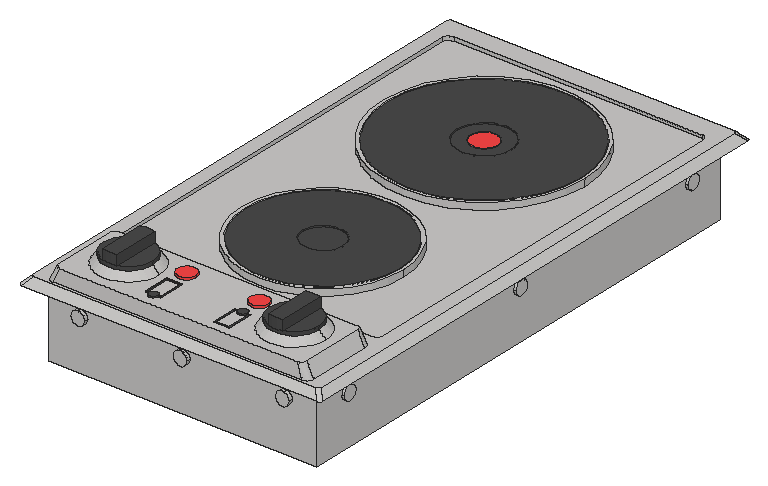
Revit family "QF_Summit_CSD2B230_Electric Cooktop", category Specialty Equipment, Revit 2020
Family settings
  Round Connector Dimension = Use Diameter
  Part Type = Normal
  Work Plane-Based = No
  Always vertical = Yes
  Cut with Voids When Loaded = No
  Shared = No
  Room Calculation Point = No
Parameters
  Weight in Pounds = 13
  Watts = Volts * FL Amps  # 2875 W
  Volts = 230 V
  URL Cutsheet = ""
  Specification by User = ""
  Specification by Manufacturer = ""
  Serial Number = ""
  Seismic Rating = ""
  SMACNA No = ""
  Revision Code = ""
  Phase = 1
  Number of Poles = 1
  NAFEM Spec ID Number = ""
  Model = "CSD2B230"
  Min Ckt Ampacity = 0 A
  Max Overcurrent Protection = 0 A
  Masterspec = ""
  Manufacturer = "Summit"
  Length = 11 1/4"
  Item Number = ""
  Installed By = ""
  Identify Quantity as Lot = yes
  Height = 4 1/8"
  HP = ""
  Furnished By = ""
  Foodservice Equipment Identifier = yes
  FL Amps = 12.5 A
  Electrical Remarks = ""
  Electric Connection Type = ""
  Elec Conn RI Height = 0"
  Elec Conn Connection Height = 0"
  Description = "Electric Cooktop"
  Depth = 20"
  Default Elevation = 0"
  Cycle = 60 Hz
  Conn Plug = ""
  Conn Conduit = yes
  CSI MasterFormat = ""
  Apparent Power = if(Phase = 3, Volts * FL Amps * 1.73, Volts * FL Amps)  # 2875 VA
Reference planes (in)
  plane 1 "BACK": y = 0
  plane 2: z = 0
  plane 3 "LEFT": x = 0
  plane 4 "RIGHT": x = 11.25
  plane 5 "FRONT": y = -20
  plane 6 "TOP": z = 4.125
  plane 7 "Center Y": x = 5.625
  plane 8 "Center X": y = -10
  plane 9: y = -0.625
  plane 10: y = -19.375
  plane 11: x = 11.25
  plane 12: x = 10.625
  plane 13: x = 0.625
  plane 14: x = 1.83357
  plane 15: x = 9.41643
  plane 16: z = 2.625
Forms (in)
  Extrusion 1, void
    sketch origin (-38.39759, -180, 2.875) x (-1, 0, 0) y (0, -1, 0)
      loop
        arc (-39.14759, -163.875) -> (-39.22082, -163.69822) -> (-39.39759, -163.625) r 0.25
        line (-39.39759, -163.625) -> (-48.64759, -163.625)
        arc (-48.64759, -163.625) -> (-48.82437, -163.69822) -> (-48.89759, -163.875) r 0.25
        line (-48.89759, -163.875) -> (-48.89759, -178.75)
        arc (-48.89759, -178.75) -> (-48.82437, -178.92678) -> (-48.64759, -179) r 0.25
        line (-48.64759, -179) -> (-39.39759, -179)
        arc (-39.39759, -179) -> (-39.22082, -178.92678) -> (-39.14759, -178.75) r 0.25
        line (-39.14759, -178.75) -> (-39.14759, -163.875)
    from 0 to -0.125
  Extrusion 2, solid, material "QF_Plastic_Black_Smooth"
    sketch origin (-38.39759, -180, 3.625) x (-1, 0, 0) y (0, -1, 0)
      loop
        circle (-40.92855, -161.9508) r 0.90881
    from 0 to 0.125
  Extrusion 3, solid, material "QF_Plastic_Black_Smooth"
    sketch origin (-38.39759, -180, 3.75) x (-1, 0, 0) y (0, -1, 0)
      loop
        line (-40.65528, -162.81756) -> (-40.65528, -161.08405)
        arc (-40.65528, -161.08405) -> (-40.92855, -161.04199) -> (-41.20182, -161.08405) r 0.90881
        line (-41.20182, -161.08405) -> (-41.20182, -162.81756)
        arc (-41.20182, -162.81756) -> (-40.92855, -162.85962) -> (-40.65528, -162.81756) r 0.90881
    from 0 to 0.375
  Extrusion 4, solid, material "QF_Metal_Stainless_Polished"
    sketch origin (-38.39759, -180, 2.75) x (-1, 0, 0) y (0, -1, 0)
      loop
        circle (-44.02259, -174.64564) r 3.75
      loop
        circle (-44.02259, -167.13475) r 3
      loop
        circle (-44.02259, -174.64564) r 3.625
      loop
        circle (-44.02259, -167.13475) r 2.875
    from 0 to 0.25
  Extrusion 5, solid, material "QF_Metal_Stainless_Polished"
    sketch origin (-5.14279, -0.625, 48.125) x (-1, 0, 0) y (0, 0, 1)
      loop
        circle (-13.41482, -46.96116) r 0.18801
    from 0 to 0.0625
  Blend 6, solid, material "QF_Metal_Stainless_Polished"
    base sketch origin (-38.39759, -180, 2.625) x (-1, 0, 0) y (0, -1, 0)
      loop
        line (-38.39759, -179.875) -> (-38.39759, -160.125)
        arc (-38.39759, -160.125) -> (-38.4342, -160.03661) -> (-38.52259, -160) r 0.125
        line (-38.52259, -160) -> (-49.52259, -160)
        arc (-49.52259, -160) -> (-49.61098, -160.03661) -> (-49.64759, -160.125) r 0.125
        line (-49.64759, -160.125) -> (-49.64759, -179.875)
        arc (-49.64759, -179.875) -> (-49.61098, -179.96339) -> (-49.52259, -180) r 0.125
        line (-49.52259, -180) -> (-38.52259, -180)
        arc (-38.52259, -180) -> (-38.4342, -179.96339) -> (-38.39759, -179.875) r 0.125
    top sketch origin (-38.39759, -180, 2.625) x (-1, 0, 0) y (0, -1, 0)
      loop
        line (-38.77259, -160.25) -> (-49.27259, -160.25)
        arc (-49.27259, -160.25) -> (-49.36098, -160.28661) -> (-49.39759, -160.375) r 0.125
        line (-49.39759, -160.375) -> (-49.39759, -179.625)
        arc (-49.39759, -179.625) -> (-49.36098, -179.71339) -> (-49.27259, -179.75) r 0.125
        line (-49.27259, -179.75) -> (-38.77259, -179.75)
        arc (-38.77259, -179.75) -> (-38.6842, -179.71339) -> (-38.64759, -179.625) r 0.125
        line (-38.64759, -179.625) -> (-38.64759, -160.375)
        arc (-38.64759, -160.375) -> (-38.6842, -160.28661) -> (-38.77259, -160.25) r 0.125
    from 0 to 0.25
  Blend 7, solid, material "QF_Metal_Stainless_Polished"
    base sketch origin (-38.39759, -180, 2.875) x (-1, 0, 0) y (0, -1, 0)
      loop
        line (-39.39759, -160.375) -> (-48.64759, -160.375)
        arc (-48.64759, -160.375) -> (-48.82437, -160.44822) -> (-48.89759, -160.625) r 0.25
        line (-48.89759, -160.625) -> (-48.89759, -163)
        arc (-48.89759, -163) -> (-48.82437, -163.17678) -> (-48.64759, -163.25) r 0.25
        line (-48.64759, -163.25) -> (-39.39759, -163.25)
        arc (-39.39759, -163.25) -> (-39.22082, -163.17678) -> (-39.14759, -163) r 0.25
        line (-39.14759, -163) -> (-39.14759, -160.625)
        arc (-39.14759, -160.625) -> (-39.22082, -160.44822) -> (-39.39759, -160.375) r 0.25
    top sketch origin (-38.39759, -180, 2.875) x (-1, 0, 0) y (0, -1, 0)
      loop
        line (-39.39759, -163) -> (-39.39759, -160.625)
        arc (-39.39759, -160.625) -> (-39.45251, -160.49242) -> (-39.58509, -160.4375) r 0.1875
        line (-39.58509, -160.4375) -> (-48.46009, -160.4375)
        arc (-48.46009, -160.4375) -> (-48.59268, -160.49242) -> (-48.64759, -160.625) r 0.1875
        line (-48.64759, -160.625) -> (-48.64759, -163)
        arc (-48.64759, -163) -> (-48.59268, -163.13258) -> (-48.46009, -163.1875) r 0.1875
        line (-48.46009, -163.1875) -> (-39.58509, -163.1875)
        arc (-39.58509, -163.1875) -> (-39.45251, -163.13258) -> (-39.39759, -163) r 0.1875
    from 0 to 0.5
  Blend 8, solid, material "QF_Metal_Stainless_Polished"
    base sketch origin (-38.39759, -180, 3.375) x (-1, 0, 0) y (0, -1, 0)
      loop
        circle (-40.92855, -161.9508) r 1.14914
    top sketch origin (-38.39759, -180, 3.375) x (-1, 0, 0) y (0, -1, 0)
      loop
        circle (-40.92855, -161.9508) r 0.90881
    from 0 to 0.25
  Extrusion 9, solid, material "QF_Plastic_Red_Smooth"
    sketch origin (-38.39759, -180, 3.375) x (-1, 0, 0) y (0, -1, 0)
      loop
        circle (-42.66909, -162.48957) r 0.3425
      loop
        circle (-45.3761, -162.48957) r 0.3425
    from 0 to 0.0625
  Extrusion 10, solid, material "QF_Plastic_Black_Smooth"
    sketch origin (-38.39759, -180, 3.375) x (-1, 0, 0) y (0, -1, 0)
      loop
        line (-42.40347, -161.90233) -> (-42.40347, -160.92437) -> (-42.51988, -160.92437)
        arc (-42.51988, -160.92437) -> (-42.68535, -160.7589) -> (-42.85082, -160.92437) r 0.16547
        line (-42.85082, -160.92437) -> (-42.96723, -160.92437) -> (-42.96723, -161.90233) -> (-42.40347, -161.90233)
      loop
        line (-42.43472, -160.95562) -> (-42.52286, -160.95562)
        arc (-42.52286, -160.95562) -> (-42.68535, -161.08983) -> (-42.84784, -160.95562) r 0.16547
        line (-42.84784, -160.95562) -> (-42.93598, -160.95562) -> (-42.93598, -161.87108) -> (-42.43472, -161.87108) -> (-42.43472, -160.95562)
      loop
        line (-45.07795, -160.7589) -> (-45.64172, -160.7589) -> (-45.64172, -161.73687) -> (-45.5253, -161.73687)
        arc (-45.5253, -161.73687) -> (-45.35983, -161.90233) -> (-45.19437, -161.73687) r 0.16547
        line (-45.19437, -161.73687) -> (-45.07795, -161.73687) -> (-45.07795, -160.7589)
      loop
        line (-45.1092, -161.70562) -> (-45.1092, -160.79015) -> (-45.61047, -160.79015) -> (-45.61047, -161.70562) -> (-45.52232, -161.70562)
        arc (-45.52232, -161.70562) -> (-45.35983, -161.5714) -> (-45.19735, -161.70562) r 0.16547
        line (-45.19735, -161.70562) -> (-45.1092, -161.70562)
    from 0 to 0.01563
  Extrusion 11, solid, material "QF_Plastic_Black_Smooth"
    sketch origin (49.64759, -180, 3.625) x (1, 0, 0) y (0, 1, 0)
      loop
        circle (-40.92855, 161.9508) r 0.90881
    from 0 to 0.125
  Extrusion 12, solid, material "QF_Plastic_Black_Smooth"
    sketch origin (49.64759, -180, 3.75) x (1, 0, 0) y (0, 1, 0)
      loop
        arc (-40.65528, 162.81756) -> (-40.92855, 162.85962) -> (-41.20182, 162.81756) r 0.90881
        line (-41.20182, 162.81756) -> (-41.20182, 161.08405)
        arc (-41.20182, 161.08405) -> (-40.92855, 161.04199) -> (-40.65528, 161.08405) r 0.90881
        line (-40.65528, 161.08405) -> (-40.65528, 162.81756)
    from 0 to 0.375
  Blend 13, solid, material "QF_Metal_Stainless_Polished"
    base sketch origin (49.64759, -180, 3.375) x (1, 0, 0) y (0, 1, 0)
      loop
        circle (-40.92855, 161.9508) r 1.14914
    top sketch origin (49.64759, -180, 3.375) x (1, 0, 0) y (0, 1, 0)
      loop
        circle (-40.92855, 161.9508) r 0.90881
    from 0 to 0.25
  Extrusion 14, solid, material "QF_Metal_Stainless_Polished"
    sketch origin (-38.39759, -180, 2.625) x (-1, 0, 0) y (0, -1, 0)
      loop
        line (-39.02259, -160.625) -> (-49.02259, -160.625) -> (-49.02259, -179.375) -> (-39.02259, -179.375) -> (-39.02259, -160.625)
    from 0 to -2.625
  Extrusion 15, solid, material "QF_Plastic_Black_Smooth"
    sketch origin (-38.39759, -180, 2.75) x (-1, 0, 0) y (0, -1, 0)
      loop
        circle (-44.02259, -174.64564) r 3.625
      loop
        circle (-44.02259, -167.13475) r 2.875
      loop
        circle (-44.02259, -174.64564) r 1
      loop
        circle (-44.02259, -167.13475) r 0.75
    from 0 to 0.25
  Extrusion 16, solid, material "QF_Plastic_Black_Smooth"
    sketch origin (-38.39759, -180, 2.75) x (-1, 0, 0) y (0, -1, 0)
      loop
        circle (-44.02259, -174.64564) r 1
      loop
        circle (-44.02259, -167.13475) r 0.75
      loop
        circle (-44.02259, -174.64564) r 0.5
    from 0 to 0.22698
  Extrusion 17, solid, material "QF_Metal_Stainless_Polished"
    sketch origin (0.625, -0.625, 2.625) x (0, -1, 0) y (0, 0, 1)
      loop
        circle (9.375, -0.72572) r 0.25
    from 0 to 0.125
  Extrusion 18, solid, material "QF_Metal_Stainless_Polished"
    sketch origin (0.625, -0.625, 2.625) x (0, -1, 0) y (0, 0, 1)
      loop
        circle (1.375, -0.72572) r 0.25
    from 0 to 0.125
  Extrusion 19, solid, material "QF_Metal_Stainless_Polished"
    sketch origin (0.625, -19.375, 2.625) x (0, 1, 0) y (0, 0, -1)
      loop
        circle (1.375, 0.72572) r 0.25
    from 0 to 0.125
  Extrusion 20, solid, material "QF_Metal_Stainless_Polished"
    sketch origin (10.625, -0.625, 2.625) x (0, -1, 0) y (0, 0, -1)
      loop
        circle (9.375, 0.72572) r 0.25
    from 0 to 0.125
  Extrusion 21, solid, material "QF_Metal_Stainless_Polished"
    sketch origin (10.625, -0.625, 2.625) x (0, -1, 0) y (0, 0, -1)
      loop
        circle (1.375, 0.72572) r 0.25
    from 0 to 0.125
  Extrusion 22, solid, material "QF_Metal_Stainless_Polished"
    sketch origin (10.625, -19.375, 2.625) x (0, 1, 0) y (0, 0, 1)
      loop
        circle (1.375, -0.72572) r 0.25
    from 0 to 0.125
  Extrusion 23, solid, material "QF_Metal_Stainless_Polished"
    sketch origin (10.625, -0.625, 2.625) x (-1, 0, 0) y (0, 0, 1)
      loop
        circle (5, -0.72572) r 0.25
      loop
        circle (8.8125, -0.72572) r 0.25
      loop
        circle (1.1875, -0.72572) r 0.25
    from 0 to 0.125
  Extrusion 24, solid, material "QF_Metal_Stainless_Polished"
    sketch origin (10.625, -19.375, 2.625) x (-1, 0, 0) y (0, 0, -1)
      loop
        circle (5, 0.72572) r 0.25
      loop
        circle (8.8125, 0.72572) r 0.25
      loop
        circle (1.1875, 0.72572) r 0.25
    from 0 to 0.125
  Extrusion 25, solid, material "QF_Plastic_Red_Smooth"
    sketch origin (-38.39759, -180, 2.75) x (-1, 0, 0) y (0, -1, 0)
      loop
        circle (-44.02259, -174.64564) r 0.5
    from 0 to 0.22698
Cuts and joins
  Extrusion 1 cuts Blend 6
Lines and regions (in)
  symbolic lines
    curve 1: line (0, -19.875, 4.375) -> (0, -0.125, 4.375)
    curve 2: arc (0, -0.125, 4.375) -> (0.03661, -0.03661, 4.375) -> (0.125, 0, 4.375) r 0.125
    curve 3: line (0.125, 0, 4.375) -> (11.125, 0, 4.375)
    curve 4: arc (11.125, 0, 4.375) -> (11.21339, -0.03661, 4.375) -> (11.25, -0.125, 4.375) r 0.125
    curve 5: line (11.25, -0.125, 4.375) -> (11.25, -19.875, 4.375)
    curve 6: arc (11.25, -19.875, 4.375) -> (11.21339, -19.96339, 4.375) -> (11.125, -20, 4.375) r 0.125
    curve 7: line (11.125, -20, 4.375) -> (0.125, -20, 4.375)
    curve 8: arc (0.125, -20, 4.375) -> (0.03661, -19.96339, 4.375) -> (0, -19.875, 4.375) r 0.125
    curve 9: line (10.875, -0.25, 4.375) -> (0.375, -0.25, 4.375)
    curve 10: arc (0.375, -0.25, 4.375) -> (0.28661, -0.28661, 4.375) -> (0.25, -0.375, 4.375) r 0.125
    curve 11: line (0.25, -0.375, 4.375) -> (0.25, -19.625, 4.375)
    curve 12: arc (0.25, -19.625, 4.375) -> (0.28661, -19.71339, 4.375) -> (0.375, -19.75, 4.375) r 0.125
    curve 13: line (0.375, -19.75, 4.375) -> (10.875, -19.75, 4.375)
    curve 14: arc (10.875, -19.75, 4.375) -> (10.96339, -19.71339, 4.375) -> (11, -19.625, 4.375) r 0.125
    curve 15: line (11, -19.625, 4.375) -> (11, -0.375, 4.375)
    curve 16: arc (11, -0.375, 4.375) -> (10.96339, -0.28661, 4.375) -> (10.875, -0.25, 4.375) r 0.125
    curve 17: line (0.75, -19.375, 4.375) -> (0.75, -17, 4.375)
    curve 18: arc (0.75, -17, 4.375) -> (0.82322, -16.82322, 4.375) -> (1, -16.75, 4.375) r 0.25
    curve 19: line (1, -16.75, 4.375) -> (10.25, -16.75, 4.375)
    curve 20: arc (10.25, -16.75, 4.375) -> (10.42678, -16.82322, 4.375) -> (10.5, -17, 4.375) r 0.25
    curve 21: line (10.5, -17, 4.375) -> (10.5, -19.375, 4.375)
    curve 22: arc (10.5, -19.375, 4.375) -> (10.42678, -19.55178, 4.375) -> (10.25, -19.625, 4.375) r 0.25
    curve 23: line (10.25, -19.625, 4.375) -> (1, -19.625, 4.375)
    curve 24: arc (1, -19.625, 4.375) -> (0.82322, -19.55178, 4.375) -> (0.75, -19.375, 4.375) r 0.25
    curve 25: line (1, -17, 4.375) -> (1, -19.375, 4.375)
    curve 26: arc (1, -19.375, 4.375) -> (1.05492, -19.50758, 4.375) -> (1.1875, -19.5625, 4.375) r 0.1875
    curve 27: line (1.1875, -19.5625, 4.375) -> (10.0625, -19.5625, 4.375)
    curve 28: arc (10.0625, -19.5625, 4.375) -> (10.19508, -19.50758, 4.375) -> (10.25, -19.375, 4.375) r 0.1875
    curve 29: line (10.25, -19.375, 4.375) -> (10.25, -17, 4.375)
    curve 30: arc (10.25, -17, 4.375) -> (10.19508, -16.86742, 4.375) -> (10.0625, -16.8125, 4.375) r 0.1875
    curve 31: line (10.0625, -16.8125, 4.375) -> (1.1875, -16.8125, 4.375)
    curve 32: arc (1.1875, -16.8125, 4.375) -> (1.05492, -16.86742, 4.375) -> (1, -17, 4.375) r 0.1875
    curve 33: arc (1.38182, -18.0492, 4.375) -> (2.53096, -16.90006, 4.375) -> (3.6801, -18.0492, 4.375) r 1.14914
    curve 34: arc (3.6801, -18.0492, 4.375) -> (2.53096, -19.19833, 4.375) -> (1.38182, -18.0492, 4.375) r 1.14914
    curve 35: arc (1.62215, -18.0492, 4.375) -> (2.53096, -18.95801, 4.375) -> (3.43977, -18.0492, 4.375) r 0.90881
    curve 36: arc (3.43977, -18.0492, 4.375) -> (2.53096, -17.14038, 4.375) -> (1.62215, -18.0492, 4.375) r 0.90881
    curve 37: line (2.25769, -17.18244, 4.375) -> (2.25769, -18.91595, 4.375)
    curve 38: line (2.80423, -18.91595, 4.375) -> (2.80423, -17.18244, 4.375)
    curve 39: arc (4.61399, -17.51043, 4.375) -> (4.2715, -17.16793, 4.375) -> (3.929, -17.51043, 4.375) r 0.3425
    curve 40: arc (3.929, -17.51043, 4.375) -> (4.2715, -17.85292, 4.375) -> (4.61399, -17.51043, 4.375) r 0.3425
    curve 41: line (4.00587, -18.09767, 4.375) -> (4.00587, -19.07563, 4.375)
    curve 42: line (4.00587, -19.07563, 4.375) -> (4.12229, -19.07563, 4.375)
    curve 43: arc (4.12229, -19.07563, 4.375) -> (4.28776, -19.2411, 4.375) -> (4.45323, -19.07563, 4.375) r 0.16547
    curve 44: line (4.45323, -19.07563, 4.375) -> (4.56964, -19.07563, 4.375)
    curve 45: line (4.56964, -19.07563, 4.375) -> (4.56964, -18.09767, 4.375)
    curve 46: line (4.56964, -18.09767, 4.375) -> (4.00587, -18.09767, 4.375)
    curve 47: arc (4.45025, -19.04438, 4.375) -> (4.28776, -18.91017, 4.375) -> (4.12527, -19.04438, 4.375) r 0.16547
    curve 48: line (4.12527, -19.04438, 4.375) -> (4.03712, -19.04438, 4.375)
    curve 49: line (4.03712, -19.04438, 4.375) -> (4.03712, -18.12892, 4.375)
    curve 50: line (4.03712, -18.12892, 4.375) -> (4.53839, -18.12892, 4.375)
    curve 51: line (4.53839, -18.12892, 4.375) -> (4.53839, -19.04438, 4.375)
    curve 52: line (4.53839, -19.04438, 4.375) -> (4.45025, -19.04438, 4.375)
    curve 53: line (6.71161, -19.20985, 4.375) -> (6.71161, -18.29438, 4.375)
    curve 54: line (6.71161, -18.29438, 4.375) -> (6.79975, -18.29438, 4.375)
    curve 55: arc (6.79975, -18.29438, 4.375) -> (6.96224, -18.4286, 4.375) -> (7.12473, -18.29438, 4.375) r 0.16547
    curve 56: line (7.12473, -18.29438, 4.375) -> (7.21288, -18.29438, 4.375)
    curve 57: line (7.21288, -18.29438, 4.375) -> (7.21288, -19.20985, 4.375)
    curve 58: line (7.21288, -19.20985, 4.375) -> (6.71161, -19.20985, 4.375)
    curve 59: line (6.68036, -18.26313, 4.375) -> (6.68036, -19.2411, 4.375)
    curve 60: line (6.68036, -19.2411, 4.375) -> (7.24413, -19.2411, 4.375)
    curve 61: line (7.24413, -19.2411, 4.375) -> (7.24413, -18.26313, 4.375)
    curve 62: line (7.24413, -18.26313, 4.375) -> (7.12771, -18.26313, 4.375)
    curve 63: arc (7.12771, -18.26313, 4.375) -> (6.96224, -18.09767, 4.375) -> (6.79677, -18.26313, 4.375) r 0.16547
    curve 64: line (6.79677, -18.26313, 4.375) -> (6.68036, -18.26313, 4.375)
    curve 65: arc (6.63601, -17.51043, 4.375) -> (6.9785, -17.85292, 4.375) -> (7.321, -17.51043, 4.375) r 0.3425
    curve 66: arc (7.321, -17.51043, 4.375) -> (6.9785, -17.16793, 4.375) -> (6.63601, -17.51043, 4.375) r 0.3425
    curve 67: arc (7.5699, -18.0492, 4.375) -> (8.71904, -16.90006, 4.375) -> (9.86818, -18.0492, 4.375) r 1.14914
    curve 68: arc (9.86818, -18.0492, 4.375) -> (8.71904, -19.19833, 4.375) -> (7.5699, -18.0492, 4.375) r 1.14914
    curve 69: arc (7.81023, -18.0492, 4.375) -> (8.71904, -18.95801, 4.375) -> (9.62785, -18.0492, 4.375) r 0.90881
    curve 70: arc (9.62785, -18.0492, 4.375) -> (8.71904, -17.14038, 4.375) -> (7.81023, -18.0492, 4.375) r 0.90881
    curve 71: line (8.44577, -17.18244, 4.375) -> (8.44577, -18.91595, 4.375)
    curve 72: line (8.99231, -18.91595, 4.375) -> (8.99231, -17.18244, 4.375)
    curve 73: line (0.75, -1.25, 4.375) -> (0.75, -16.125, 4.375)
    curve 74: arc (0.75, -16.125, 4.375) -> (0.82322, -16.30178, 4.375) -> (1, -16.375, 4.375) r 0.25
    curve 75: line (1, -16.375, 4.375) -> (10.25, -16.375, 4.375)
    curve 76: arc (10.25, -16.375, 4.375) -> (10.42678, -16.30178, 4.375) -> (10.5, -16.125, 4.375) r 0.25
    curve 77: line (10.5, -16.125, 4.375) -> (10.5, -1.25, 4.375)
    curve 78: arc (10.5, -1.25, 4.375) -> (10.42678, -1.07322, 4.375) -> (10.25, -1, 4.375) r 0.25
    curve 79: line (10.25, -1, 4.375) -> (1, -1, 4.375)
    curve 80: arc (1, -1, 4.375) -> (0.82322, -1.07322, 4.375) -> (0.75, -1.25, 4.375) r 0.25
    curve 81: arc (9.375, -5.35436, 4.375) -> (5.625, -1.60436, 4.375) -> (1.875, -5.35436, 4.375) r 3.75
    curve 82: arc (9.25, -5.35436, 4.375) -> (5.625, -1.72936, 4.375) -> (2, -5.35436, 4.375) r 3.625
    curve 83: arc (1.875, -5.35436, 4.375) -> (5.625, -9.10436, 4.375) -> (9.375, -5.35436, 4.375) r 3.75
    curve 84: arc (2, -5.35436, 4.375) -> (5.625, -8.97936, 4.375) -> (9.25, -5.35436, 4.375) r 3.625
    curve 85: arc (8.625, -12.86525, 4.375) -> (5.625, -9.86525, 4.375) -> (2.625, -12.86525, 4.375) r 3
    curve 86: arc (8.5, -12.86525, 4.375) -> (5.625, -9.99025, 4.375) -> (2.75, -12.86525, 4.375) r 2.875
    curve 87: arc (2.75, -12.86525, 4.375) -> (5.625, -15.74025, 4.375) -> (8.5, -12.86525, 4.375) r 2.875
    curve 88: arc (2.625, -12.86525, 4.375) -> (5.625, -15.86525, 4.375) -> (8.625, -12.86525, 4.375) r 3
    curve 89: arc (6.375, -12.86525, 4.375) -> (5.625, -13.61525, 4.375) -> (4.875, -12.86525, 4.375) r 0.75
    curve 90: arc (4.875, -12.86525, 4.375) -> (5.625, -12.11525, 4.375) -> (6.375, -12.86525, 4.375) r 0.75
    curve 91: arc (4.625, -5.35436, 4.375) -> (5.625, -4.35436, 4.375) -> (6.625, -5.35436, 4.375) r 1
    curve 92: arc (6.625, -5.35436, 4.375) -> (5.625, -6.35436, 4.375) -> (4.625, -5.35436, 4.375) r 1
    curve 93: arc (6.125, -5.35436, 4.375) -> (5.625, -4.85436, 4.375) -> (5.125, -5.35436, 4.375) r 0.5
    curve 94: arc (5.125, -5.35436, 4.375) -> (5.625, -5.85436, 4.375) -> (6.125, -5.35436, 4.375) r 0.5
Dimensions and locks (in)
  equal spacing: plane 3 "LEFT", plane 7 "Center Y", plane 4 "RIGHT"
  "Length": plane 3 "LEFT" to plane 4 "RIGHT"
  equal spacing: plane 5 "FRONT", plane 8 "Center X", plane 1 "BACK"
  "Depth": plane 5 "FRONT" to plane 1 "BACK"
  "Height": plane 6 "TOP" to level
  plane 9 to plane 1 "BACK" = 5/8"
  plane 5 "FRONT" to plane 10 = 5/8"
  plane 9 to plane 10 = 18 3/4"
  plane 4 "RIGHT" to plane 3 "LEFT" = 11 1/4"
  plane 13 to plane 12 = 10"
  plane 16 to plane 2 = 2 5/8"
  plane 6 "TOP" to plane 16 = 1 1/2"
  Extrusion 19 to Extrusion 22 = 10 1/4"
  Extrusion 24 to Extrusion 23 = 19"
  aligned and locked: level to plane 2
Automatic sketch dimensions
  curve 33 to curve 35 = 0"  (x2)
  curve 43 to curve 47 = 0"  (x2)
  curve 55 to curve 63 = 0"  (x2)
  curve 67 to curve 69 = 0"
  curve 67 to curve 70 = 0"
  curve 81 to curve 82 = 0"  (x2)
  curve 81 to curve 91 = 0"  (x2)
  curve 85 to curve 89 = 0"
  curve 87 to curve 88 = 0"  (x2)
  curve 88 to curve 90 = 0"
  curve 5 to plane 4 "RIGHT" = 0"
  plane 5 "FRONT" to curve 7 = 0"
  plane 1 "BACK" to curve 3 = 0"
  plane 10 to curve 21 = 0"
  plane 10 to curve 28 = 0"
  curve 89 to plane 7 "Center Y" = 0"
  curve 83 to plane 7 "Center Y" = 0"
  plane 10 to curve 26 = 0"
  plane 10 to curve 24 = 0"
  curve 2 to plane 3 "LEFT" = 0"
  plane 4 "RIGHT" to curve 7 = 1/8"
  plane 4 "RIGHT" to curve 3 = 1/8"
  plane 4 "RIGHT" to curve 15 = 1/4"
  curve 16 to curve 9 = 1/8"
  curve 14 to curve 13 = 1/8"
  plane 12 to curve 21 = 1/8"
  plane 12 to curve 77 = 1/8"
  curve 78 to curve 79 = 1/4"
  curve 22 to curve 22 = 1/4"
  curve 77 to curve 75 = 1/4"
  curve 20 to curve 29 = 1/4"
  curve 20 to curve 29 = 0"
  plane 10 to curve 27 = 3/16"
  curve 30 to curve 30 = 3/16"
  curve 70 to plane 15 = 0.69739"
  curve 69 to curve 61 = 1.47492"
  curve 61 to curve 56 = 1/32"
  curve 56 to curve 62 = 0.08517"
  curve 63 to curve 56 = 0.00298"
  curve 62 to curve 66 = 0.1492"
  curve 56 to curve 55 = 0.16249"
  curve 54 to curve 64 = 0.00298"
  curve 53 to plane 10 = 0.16515"
  curve 57 to curve 53 = 0.50127"
  curve 53 to curve 60 = 1/32"  (x2)
  curve 45 to plane 10 = 0.29937"
  curve 45 to plane 7 "Center Y" = 1.05536"
  curve 45 to curve 50 = 1/32"
  curve 51 to curve 44 = 0.08517"
  curve 43 to curve 52 = 0.00298"
  curve 47 to curve 47 = 0.16249"
  curve 45 to curve 39 = 0.29815"
  curve 48 to curve 43 = 0.00298"
  curve 47 to curve 48 = 0.08814"
  curve 49 to curve 41 = 1/32"
  curve 32 to plane 13 = 9/16"
  curve 27 to plane 13 = 9/16"
  curve 79 to plane 13 = 3/8"
  curve 24 to curve 25 = 0"
  curve 75 to plane 13 = 3/8"
  curve 32 to curve 19 = 3/16"
  curve 73 to plane 13 = 1/8"
  plane 13 to curve 12 = 1/4"
  plane 13 to curve 9 = 1/4"
  curve 10 to curve 11 = 1/8"
  curve 8 to curve 8 = 1/8"
  plane 3 "LEFT" to curve 3 = 1/8"
  plane 1 "BACK" to curve 9 = 1/4"
  curve 79 to plane 9 = 3/8"
  plane 8 "Center X" to curve 81 = 4.64564"
  curve 85 to plane 8 "Center X" = 2.86525"
  curve 76 to curve 28 = 3 1/4"
  curve 75 to curve 19 = 3/8"
  curve 20 to curve 31 = 1/16"
  curve 40 to curve 43 = 1.56521"
  curve 66 to curve 57 = 1.69942"
  curve 65 to curve 70 = 0.53877"
  curve 40 to curve 36 = 0.53877"
  curve 40 to curve 46 = 0.58724"
  curve 41 to curve 49 = 1/32"
  curve 65 to curve 59 = 0.75271"
  curve 59 to curve 53 = 1/32"
  curve 48 to curve 43 = 1/32"
  plane 10 to curve 15 = 1/4"
  plane 15 to curve 68 = 0.45175"
  plane 15 to curve 70 = 0.21142"
  curve 81 to plane 15 = 0.04143"
  curve 81 to curve 82 = 1/8"
  curve 72 to plane 15 = 0.42412"
  curve 88 to plane 15 = 0.79143"
  curve 85 to curve 86 = 1/8"
  curve 71 to plane 10 = 0.45905"
  curve 65 to curve 65 = 0.3425"
  curve 91 to curve 81 = 1"
  curve 89 to curve 85 = 3/4"
  curve 39 to curve 39 = 0.3425"
  curve 41 to curve 33 = 0.32578"
  curve 33 to curve 35 = 0.24033"
  curve 37 to plane 14 = 0.42412"
  Extrusion 1 sketch curve to Blend 6 = 1/2"
  Extrusion 1 sketch curve to Extrusion 1 sketch curve = 1/4"  (x3)
  Extrusion 1 sketch curve to Blend 6 = 3/4"  (x3)
  Extrusion 1 sketch curve to Blend 6 = 3 5/8"
  Extrusion 3 sketch curve to Extrusion 3 sketch curve = 0.27327"
  Extrusion 3 sketch curve to Extrusion 3 sketch curve = 0.54654"
  Extrusion 4 sketch curve to Extrusion 4 sketch curve = 0"  (x4)
  Extrusion 4 sketch curve to Extrusion 1 = 4 7/8"  (x2)
  Extrusion 4 sketch curve to Extrusion 1 = 4.35436"
  Extrusion 4 sketch curve to Extrusion 1 = 3.50975"
  Extrusion 5 sketch curve to plane 15 = 1.1444"
  level to Extrusion 5 sketch curve = 1.16384"
  Blend 6 sketch curve to plane 4 "RIGHT" = 0"
  plane 1 "BACK" to Blend 6 sketch curve = 0"
  plane 5 "FRONT" to Blend 6 sketch curve = 0"
  Blend 6 sketch curve to plane 3 "LEFT" = 0"
  Blend 6 sketch curve to Blend 6 sketch curve = 1/8"  (x5)
  plane 4 "RIGHT" to Blend 6 sketch curve = 1/8"
  plane 1 "BACK" to Blend 6 sketch curve = 1/8"
  plane 4 "RIGHT" to Blend 6 sketch curve = 1/4"
  plane 13 to Blend 6 sketch curve = 1/4"  (x2)
  plane 1 "BACK" to Blend 6 sketch curve = 1/4"
  plane 10 to Blend 6 sketch curve = 1/4"
  Blend 7 sketch curve to Blend 6 = 1/2"
  Blend 7 sketch curve to Blend 7 sketch curve = 1/4"  (x3)
  Blend 7 sketch curve to Blend 6 = 3/4"  (x3)
  Blend 7 sketch curve to Blend 6 = 3"
  Blend 7 sketch curve to Blend 6 = 3/8"  (x2)
  Blend 7 sketch curve to Blend 7 sketch curve = 3/16"  (x3)
  Blend 7 sketch curve to Blend 6 = 15/16"  (x2)
  Blend 7 sketch curve to Blend 7 sketch curve = 2 3/8"
  Blend 8 sketch curve to Blend 7 = 1.53096"  (x2)
  Blend 8 sketch curve to Blend 7 = 1.2367"  (x2)
  Extrusion 9 sketch curve to Blend 7 = 0.69793"  (x2)
  Extrusion 9 sketch curve to Blend 7 = 3.2715"
  Extrusion 9 sketch curve to Extrusion 9 sketch curve = 2.70701"
  Extrusion 10 sketch curve to Extrusion 10 sketch curve = 0"  (x4)
  Extrusion 10 sketch curve to Blend 7 = 1.29937"
  Extrusion 10 sketch curve to Blend 7 = 3.00587"
  Extrusion 10 sketch curve to Extrusion 10 sketch curve = 1/32"  (x8)
  Extrusion 10 sketch curve to Extrusion 10 sketch curve = 0.08517"  (x2)
  Extrusion 10 sketch curve to Extrusion 10 sketch curve = 0.00298"  (x4)
  Extrusion 10 sketch curve to Extrusion 10 sketch curve = 0.16547"
  Extrusion 10 sketch curve to Extrusion 10 sketch curve = 0.08814"  (x2)
  Extrusion 10 sketch curve to Blend 7 = 0.48687"
  Extrusion 10 sketch curve to Extrusion 10 sketch curve = 2.11072"
  Extrusion 10 sketch curve to Extrusion 10 sketch curve = 0.16249"
  Extrusion 10 sketch curve to Extrusion 10 sketch curve = 0.94671"
  Extrusion 10 sketch curve to Blend 7 = 0.35265"
  Extrusion 12 sketch curve to Extrusion 12 sketch curve = 0.27327"
  Extrusion 12 sketch curve to Extrusion 12 sketch curve = 0.54654"
  Blend 13 sketch curve to Blend 7 = 1.53096"  (x2)
  Blend 13 sketch curve to Blend 7 = 1.2367"  (x2)
  plane 10 to Extrusion 14 sketch curve = 0"
  Extrusion 14 sketch curve to plane 12 = 0"
  Extrusion 14 sketch curve to plane 9 = 0"
  Extrusion 14 sketch curve to plane 13 = 0"
  Extrusion 15 sketch curve to Extrusion 15 sketch curve = 0"  (x12)
  Extrusion 15 sketch curve to Extrusion 1 = 4 7/8"  (x2)
  Extrusion 15 sketch curve to Extrusion 1 = 4.35436"
  Extrusion 15 sketch curve to Extrusion 1 = 3.50975"
  Extrusion 15 sketch curve to Extrusion 1 = 2"
  Extrusion 15 sketch curve to Extrusion 1 = 1 1/4"
  Extrusion 14 to Extrusion 17 sketch curve = 0.72572"
  Extrusion 14 to Extrusion 17 sketch curve = 9 3/8"
  Extrusion 14 to Extrusion 18 sketch curve = 1 3/8"
  Extrusion 14 to Extrusion 18 sketch curve = 0.72572"
  Extrusion 19 sketch curve to Extrusion 14 = 1 3/8"
  Extrusion 14 to Extrusion 19 sketch curve = 0.72572"
  Extrusion 20 sketch curve to plane 8 "Center X" = 0"
  Extrusion 20 sketch curve to plane 16 = 0.72572"
  Extrusion 21 sketch curve to plane 9 = 1 3/8"
  Extrusion 21 sketch curve to plane 16 = 0.72572"
  Extrusion 22 sketch curve to plane 10 = 1 3/8"
  Extrusion 22 sketch curve to plane 16 = 0.72572"
  Extrusion 14 to Extrusion 23 sketch curve = 1 3/16"
  Extrusion 14 to Extrusion 23 sketch curve = 0.72572"  (x3)
  Extrusion 23 sketch curve to Extrusion 23 sketch curve = 3 13/16"
  Extrusion 23 sketch curve to Extrusion 14 = 1 3/16"
  Extrusion 24 sketch curve to plane 7 "Center Y" = 0"
  plane 15 to Extrusion 24 sketch curve = 0.02107"
  plane 14 to Extrusion 24 sketch curve = 0.02107"
  Extrusion 24 sketch curve to plane 16 = 0.72572"  (x3)
  curve 35 to plane 14 = 0.69739"
  curve 38 to plane 10 = 0.45905"
  Extrusion 16 sketch curve to Extrusion 16 sketch curve = 0"  (x4)
  Extrusion 16 sketch curve to Extrusion 1 = 4 7/8"  (x2)
  Extrusion 16 sketch curve to Extrusion 1 = 4.35436"
  Extrusion 16 sketch curve to Extrusion 1 = 3.50975"
  Extrusion 16 sketch curve to Extrusion 16 sketch curve = 3/4"
  Extrusion 25 sketch curve to Extrusion 1 = 4 7/8"
  Extrusion 25 sketch curve to Extrusion 1 = 4.35436"
  curve 81 to curve 93 = 0"  (x2)
  curve 94 to curve 81 = 1/2"
  radius of Extrusion 2 sketch curve to Blend 8 = 0"
  radius of Extrusion 3 sketch curve to Extrusion 2 = 0"  (x2)
  radius of Extrusion 4 sketch curve = 3 3/4"
  radius of Extrusion 4 sketch curve = 3"
  radius of Extrusion 4 sketch curve = 3 5/8"
  radius of Extrusion 4 sketch curve = 2 7/8"
  radius of Extrusion 5 sketch curve = 0.18801"
  radius of Blend 8 sketch curve = 1.14914"
  radius of Blend 8 sketch curve = 0.90881"
  radius of Extrusion 9 sketch curve = 0.3425"  (x2)
  radius of Extrusion 11 sketch curve to Blend 13 = 0"
  radius of Extrusion 12 sketch curve to Extrusion 11 = 0"  (x2)
  radius of Blend 13 sketch curve = 1.14914"
  radius of Blend 13 sketch curve = 0.90881"
  radius of Extrusion 15 sketch curve = 1"
  radius of Extrusion 15 sketch curve = 3/4"
  radius of Extrusion 17 sketch curve = 1/4"
  radius of Extrusion 18 sketch curve = 1/4"
  radius of Extrusion 19 sketch curve = 1/4"
  radius of Extrusion 20 sketch curve = 1/4"
  radius of Extrusion 21 sketch curve = 1/4"
  radius of Extrusion 22 sketch curve = 1/4"
  radius of Extrusion 23 sketch curve = 1/4"  (x3)
  radius of Extrusion 24 sketch curve = 1/4"  (x3)
  radius of Extrusion 16 sketch curve = 1"
  radius of Extrusion 16 sketch curve = 1/2"
  radius of Extrusion 25 sketch curve = 1/2"
Connectors (in)
  electrical at (8.27203, -0.5625, 1.16384), driven by "Volts", driven by "Watts"
    settings: on Extrusion 5, index 1, voltage 230 V, apparent load 2875 VA, apparent load phase1 0 VA, apparent load phase2 0 VA, apparent load phase3 0 VA, power factor 1, load classification "Other", number of poles 1, system type 30, power factor state 1, is connector primary yes, connector utility no, sub classification motor no, connector description "Electrical Connection"
